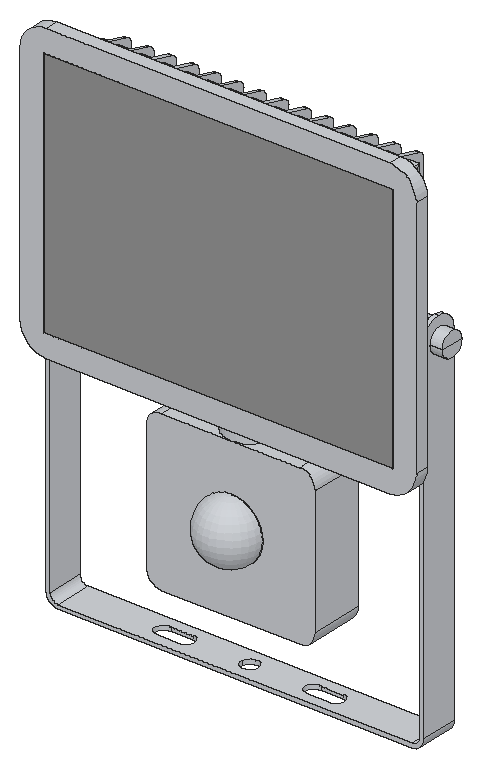
Revit family "START Flood Flat - 28W - PIR", category Lighting Fixtures, Revit 2017
Family settings
  Round Connector Dimension = Use Diameter
  Part Type = Normal
  OmniClass Number = 23.80.70.00
  OmniClass Title = Lighting
  Work Plane-Based = No
  Always vertical = Yes
  Cut with Voids When Loaded = No
  Light Source = Yes
  Shared = No
  Room Calculation Point = No
Parameters (values of type "0050137 ST FLD FLT IP54 PIR 2850LM 830 BK")
  Weight = "3.45 kg"
  Wattage = 28 W
  WarrantyStartDate [instance] = "n/a"
  WarrantyGuarantorParts = "n/a"
  WarrantyDurationUnit = "n/a"
  WarrantyDurationParts = "n/a"
  WarrantyDescription = "n/a"
  built-in parameter 1150110 = 1 (stored number, unit not read)
  Voltage = 0 V
  URL = "http://www.sylvania-lighting.com"
  TypeName = "Start Flood Flat IP54 PIR 2850LM 830 Black"
  built-in parameter 1114217 = 1 (stored number, unit not read)
  Tilt Angle = 0.00°
  built-in parameter 1150109 = 1 (stored number, unit not read)
  built-in parameter 1150134 = (empty or 0)
  built-in parameter 1150113 = 1 (stored number, unit not read)
  SerialNumber [instance] = "n/a"
  PowerFactor = 0.9
  PowerConsumption = "28.0 W"
  Photometric Web File = "0050137.ies"
  NominalWidth = 0 mm
  NominalLength = 201 mm
  NominalHeight = 57 mm
  Name = "Start Flood Flat IP54 PIR 2850LM 830 Black"
  ModelReference = "Start Flood Flat IP54 PIR 2850LM 830 Black"
  ModelNumber = "0050137"
  Model = "Start Flood Flat IP54 PIR 2850LM 830 Black"
  Material_4_FEILO = none
  Material_3_FEILO = none
  Material_2_FEILO = Default New Material
  Material_1_FEILO = none
  Material = "n/a"
  ManufacturerName = "Feilo Sylvania"
  Manufacturer = "Feilo Sylvania"
  LuminousEfficacy = "102 lm/W"
  Lumens = 2856 lm
  LuminaireType = ""
  built-in parameter 1150115 = 1 (stored number, unit not read)
  built-in parameter 1150105 = -3023875.7 (stored number, unit not read)
  LightOutputRatio = "n/a"
  built-in parameter 1150137 = (empty or 0)
  built-in parameter 1150139 = (empty or 0)
  LampsType = "LED"
  LampNominalLuminous = "2850 lm"
  LampMacAdamStep = "5"
  LampColourTemperature = "3000 K"
  LampColourRenderingIndex = "80"
  built-in parameter 1150112 = 1 (stored number, unit not read)
  built-in parameter 1150114 = 1 (stored number, unit not read)
  Lamp = "LED"
  LUM_WIDTH_SYL = 75 mm  # constant formula
  LUM_HEIGHT_SYL = 56 mm  # constant formula
  LUM_EXTR_ST_SYL = -5 mm
  LUM_EXTR_END_SYL = 0 mm
  LUM_DEPTH_SYL = 28 mm
  Keynote = "16500"
  InstallationDate [instance] = "n/a"
  InputVoltage = "n/a"
  InputNominalFrequency = "n/a"
  built-in parameter 1150132 = 2
  built-in parameter 1150102 = (empty or 0)
  built-in parameter 1150138 = (empty or 0)
  built-in parameter 1150107 = 3000 (stored number, unit not read)
  IngressProtection = "IP65"
  ImpactProtectionIndex = "IK06"
  built-in parameter 1150106 = -30238.8 (stored number, unit not read)
  IfcExportType = "IfcLightFixtureType"
  IfcExportAs = "IfcLightFixtureType"
  ElectricShockClassification = "Class I"
  built-in parameter 1150104 = 9.4761 (stored number, unit not read)
  DocumentationLiterature = "http://www.sylvania-lighting.com/product/en-int/products/0050137"
  DimmingControlOptions = "n/a"
  Dimming Lamp Color Temperature Shift = <None>
  DIF_WIDTH_SYL = 66 mm  # constant formula
  DIF_HEIGHT_SYL = 47.5 mm  # constant formula
  CreatedOn = "12/2/2020"
  CreatedBy = "@sylvania-lighting.com"
  Color Filter = 16777215
  ClassificationValue = "EF_70_80"
  ClassificationName = "Uniclass2015"
  CABLE_SIDE_DIST_SYL = 44 mm
  CABLE_LENGTH_SYL = 5 mm
  CABLE_FRONT_DIST_SYL = 17.5 mm
  CABLES_DIST_SYL = 56 mm
  BarCode [instance] = "n/a"
  built-in parameter 1114218 = 1 (stored number, unit not read)
  B_RAIL_R_DIST_SYL = 7 mm
  B_RAIL_HEIGHT_SYL = 27 mm
  B_RAIL_DEPTH_SYL = 44 mm
  B_RAIL_CHAMFER_SYL = 7 mm
  BRACKET_HOLDER_WIDTH_SYL = 12 mm
  BRACKET_HOLDER_HEIGHT_SYL = 17 mm
  BRACKET_HOLDER_DIST_SIDE_SYL = 2.8 mm
  BRACKET_HOLDER_DIST_BOTT_SYL = 42 mm
  BRACKET_HOLDER_DEPTH_SYL = 5.7 mm
  BOX_WIDTH_SYL = 60.5 mm
  BOX_TOP_DIST_SYL = 10.5 mm
  BOX_DEPTH_SYL = 14 mm
  BOX_BOTT_DIST_SYL = 28 mm
  BACK_RAIL_WIDTH_SYL = 1.4 mm
  BACK_RAIL_SIDE_DIST_SYL = 19 mm
  BACK_PL_EXTR_ST_SYL = -6 mm
  BACK_PL_EXTR_ST(-1)_SYL = BACK_PL_EXTR_ST_SYL * (-1)  # 6 mm
  BACK_PL_EXTR_END_SYL = -3 mm
  BACK_PL_EXTR_END(-1)_SYL = BACK_PL_EXTR_END_SYL * (-1)  # 3 mm
  built-in parameter 1150133 = 10 (stored number, unit not read)
  AssetType = "Fixed"
  AssetIdentifier [instance] = "n/a"
  Assembly Code = "D5020200"
  Apparent Load = 28 VA
  0_18W_SYL = yes
Types (4, lengths in mm): name | TypeName | built-in parameter 1150134 | Photometric Web File | Name | ModelReference | ModelNumber | Model | LuminousEfficacy | Lumens | built-in parameter 1150105 | LampNominalLuminous | LampColourTemperature | built-in parameter 1150107 | built-in parameter 1150106 | built-in parameter 1150104 | DocumentationLiterature
  0050140 ST FLD FLT IP54 PIR 3000LM 840 WH | "Start Flood Flat IP54 PIR 3000LM 840 White" | 12 | "0050140.ies" | "Start Flood Flat IP54 PIR 3000LM 840 White" | "Start Flood Flat IP54 PIR 3000LM 840 White" | "0050140" | "Start Flood Flat IP54 PIR 3000LM 840 White" | "107 lm/W" | 2996 lm | -3339042 (stored number, unit not read) | "3000 lm" | "4000 K" | 4000 (stored number, unit not read) | -33390.4 (stored number, unit not read) | 9.9406 (stored number, unit not read) | "http://www.sylvania-lighting.com/product/en-int/products/0050140"
  0050139 ST FLD FLT IP54 PIR 2850LM 830 WH | "Start Flood Flat IP54 PIR 2850LM 830 White" | (empty or 0) | "0050139.ies" | "Start Flood Flat IP54 PIR 2850LM 830 White" | "Start Flood Flat IP54 PIR 2850LM 830 White" | "0050139" | "Start Flood Flat IP54 PIR 2850LM 830 White" | "102 lm/W" | 2856 lm | -3023875.7 (stored number, unit not read) | "2850 lm" | "3000 K" | 3000 (stored number, unit not read) | -30238.8 (stored number, unit not read) | 9.4761 (stored number, unit not read) | "http://www.sylvania-lighting.com/product/en-int/products/0050139"
  0050138 ST FLD FLT IP54 PIR 3000LM 840 BK | "Start Flood Flat IP54 PIR 3000LM 840 Black" | 12 | "0050138.ies" | "Start Flood Flat IP54 PIR 3000LM 840 Black" | "Start Flood Flat IP54 PIR 3000LM 840 Black" | "0050138" | "Start Flood Flat IP54 PIR 3000LM 840 Black" | "107 lm/W" | 2996 lm | -3339042 (stored number, unit not read) | "3000 lm" | "4000 K" | 4000 (stored number, unit not read) | -33390.4 (stored number, unit not read) | 9.9406 (stored number, unit not read) | "http://www.sylvania-lighting.com/product/en-int/products/0050138"
  0050137 ST FLD FLT IP54 PIR 2850LM 830 BK | "Start Flood Flat IP54 PIR 2850LM 830 Black" | (empty or 0) | "0050137.ies" | "Start Flood Flat IP54 PIR 2850LM 830 Black" | "Start Flood Flat IP54 PIR 2850LM 830 Black" | "0050137" | "Start Flood Flat IP54 PIR 2850LM 830 Black" | "102 lm/W" | 2856 lm | -3023875.7 (stored number, unit not read) | "2850 lm" | "3000 K" | 3000 (stored number, unit not read) | -30238.8 (stored number, unit not read) | 9.4761 (stored number, unit not read) | "http://www.sylvania-lighting.com/product/en-int/products/0050137"
Reference planes
  plane 1 "Light Source Axis (F/B)": y = 0
  plane 2: z = 0
  plane 3 "Light Source Axis (L/R)": x = 0
  plane 4 "Light Source Elevation": z = -0.469
  plane 5: x = 75
  plane 6: x = -75
  plane 7: z = 56
  plane 8: z = -56
  plane 9: x = 66
  plane 10: x = -66
  plane 11: z = 47.5
  plane 12: z = -47.5
  plane 13: y = 6
  plane 14: y = 3
  plane 15: x = -60.5
  plane 16: x = 60.5
  plane 17: y = 20
  plane 18: z = 45.5
  plane 19: z = -28
  plane 20: y = 28
  plane 21: z = -14
  plane 22: z = -2
  plane 23: y = 21
  plane 24: x = 54.2
  plane 25: x = 39.5
  plane 26: x = 31
  plane 27: x = -25
  plane 28: y = 14
  plane 29: z = -38
  plane 30: y = 27
  plane 31: z = 16
  plane 32: z = 9
  plane 33: x = 56
  plane 34: x = 54.6
  plane 35: x = 47.6
  plane 36: x = 20.8
  plane 37: x = 13.8
  plane 38: x = 12.4
  plane 39: x = 5.4
  plane 40: x = 4
  plane 41: z = -50.4
  plane 42: x = 64
  plane 43: x = 70
  plane 44: z = -59.1
Forms (mm)
  Extrusion 1, solid
    sketch origin (0, 0, 0) x (1, 0, 0) y (0, 0, 1)
      loop
        arc (-65, 56) -> (-72.071, 53.071) -> (-75, 46) r 10
        line (-75, 46) -> (-75, -46)
        arc (-75, -46) -> (-72.071, -53.071) -> (-65, -56) r 10
        line (-65, -56) -> (65, -56)
        arc (65, -56) -> (72.071, -53.071) -> (75, -46) r 10
        line (75, -46) -> (75, 46)
        arc (75, 46) -> (72.071, 53.071) -> (65, 56) r 10
        line (65, 56) -> (-65, 56)
      loop
        line (-66, 47.5) -> (-66, -47.5) -> (66, -47.5) -> (66, 47.5) -> (-66, 47.5)
    from -5 <- "LUM_EXTR_ST_SYL" to 0 <- "LUM_EXTR_END_SYL"
  Extrusion 2, solid, material "Default New Material" <- "Material_2_FEILO"
    sketch origin (0, 0, 0) x (1, 0, 0) y (0, 0, 1)
      loop
        line (-66, 47.5) -> (-66, -47.5) -> (66, -47.5) -> (66, 47.5) -> (-66, 47.5)
    from -3 <- "BACK_PL_EXTR_END_SYL" to 0 <- "LUM_EXTR_END_SYL"
  Extrusion 3, solid
    sketch origin (0, 0, 0) x (1, 0, 0) y (0, 0, 1)
      loop
        line (66, 47.5) -> (-66, 47.5) -> (-66, -47.5) -> (66, -47.5) -> (66, 47.5)
    from -6 <- "BACK_PL_EXTR_ST_SYL" to -3 <- "BACK_PL_EXTR_END_SYL"
  Extrusion 4, solid
    sketch origin (0, 0, 0) x (1, 0, 0) y (0, 1, 0)
      loop
        arc (-59.5, 20) -> (-60.207, 19.707) -> (-60.5, 19) r 1
        line (-60.5, 19) -> (-60.5, 6) -> (60.5, 6) -> (60.5, 19)
        arc (60.5, 19) -> (60.207, 19.707) -> (59.5, 20) r 1
        line (59.5, 20) -> (-59.5, 20)
    from -28 to 45.5
  Extrusion 5, solid
    sketch origin (0, 0, 0) x (1, 0, 0) y (0, 1, 0)
      loop
        arc (-52.5, 28) -> (-58.157, 25.657) -> (-60.5, 20) r 8
        line (-60.5, 20) -> (-60.5, 6) -> (60.5, 6) -> (60.5, 20)
        arc (60.5, 20) -> (58.157, 25.657) -> (52.5, 28) r 8
        line (52.5, 28) -> (-52.5, 28)
    from -47.5 to -28
  Extrusion 6, solid
    sketch origin (0, 0, 0) x (0, 1, 0) y (0, 0, 1)
      loop
        line (5, -2) -> (5, -14) -> (15, -14)
        arc (15, -14) -> (19.243, -12.243) -> (21, -8) r 6
        arc (21, -8) -> (19.243, -3.757) -> (15, -2) r 6
        line (15, -2) -> (5, -2)
      loop
        circle (15, -8) r 2.5
    from 64 to 70
  Extrusion 7, solid
    sketch origin (0, 0, 0) x (1, 0, 0) y (0, 1, 0)
      loop
        circle (-25, 14) r 7
      loop
        circle (31, 14) r 9
    from -59.1 to -47.5
  Extrusion 8, solid
    sketch origin (-75.017, 5.639, -10.469) x (0, 1, 0) y (0, 0, -1)
      loop
        line (-0.625, 17.969) -> (-0.625, -34.188) -> (-0.625, -61.668) -> (19.238, -55.969)
        arc (19.238, -55.969) -> (20.908, -54.706) -> (21.299, -52.649) r 2.911
        line (21.299, -52.649) -> (21.299, 17.969) -> (-0.625, 17.969)
    from -131.017 to -129.617
  Extrusion 9, solid
    sketch origin (0, 0, 0) x (0, 1, 0) y (0, 0, -1)
      loop
        line (5, 2) -> (15, 2)
        arc (15, 2) -> (19.243, 3.757) -> (21, 8) r 6
        arc (21, 8) -> (19.243, 12.243) -> (15, 14) r 6
        line (15, 14) -> (5, 14) -> (5, 2)
      loop
        circle (15, 8) r 2.5
    from 64 to 70
  Extrusion 10, solid
    sketch origin (75.017, 5.639, -10.469) x (0, 1, 0) y (0, 0, 1)
      loop
        line (-0.625, -17.969) -> (21.299, -17.969) -> (21.299, 52.649)
        arc (21.299, 52.649) -> (20.908, 54.706) -> (19.238, 55.969) r 2.911
        line (19.238, 55.969) -> (-0.625, 61.668) -> (-0.625, 34.188) -> (-0.625, -17.969)
    from -131.017 to -129.617
  Extrusion 11, solid
    sketch origin (-185.617, 5.639, -10.469) x (0, 1, 0) y (0, 0, -1)
      loop
        line (-0.625, 17.969) -> (-0.625, -34.188) -> (-0.625, -61.668) -> (19.238, -55.969)
        arc (19.238, -55.969) -> (20.908, -54.706) -> (21.299, -52.649) r 2.911
        line (21.299, -52.649) -> (21.299, 17.969) -> (-0.625, 17.969)
    from -131.017 to -129.617
  Extrusion 12, solid
    sketch origin (-83.524, 5.639, -10.469) x (0, 1, 0) y (0, 0, -1)
      loop
        line (-0.625, 17.969) -> (-0.625, -34.188) -> (-0.625, -61.668) -> (19.238, -55.969)
        arc (19.238, -55.969) -> (20.908, -54.706) -> (21.299, -52.649) r 2.911
        line (21.299, -52.649) -> (21.299, 17.969) -> (-0.625, 17.969)
    from -131.017 to -129.617
  Extrusion 13, solid
    sketch origin (-92.032, 5.639, -10.469) x (0, 1, 0) y (0, 0, -1)
      loop
        line (-0.625, 17.969) -> (-0.625, -34.188) -> (-0.625, -61.668) -> (19.238, -55.969)
        arc (19.238, -55.969) -> (20.908, -54.706) -> (21.299, -52.649) r 2.911
        line (21.299, -52.649) -> (21.299, 17.969) -> (-0.625, 17.969)
    from -131.017 to -129.617
  Extrusion 14, solid
    sketch origin (-100.54, 5.639, -10.469) x (0, 1, 0) y (0, 0, -1)
      loop
        line (-0.625, 17.969) -> (-0.625, -34.188) -> (-0.625, -61.668) -> (19.238, -55.969)
        arc (19.238, -55.969) -> (20.908, -54.706) -> (21.299, -52.649) r 2.911
        line (21.299, -52.649) -> (21.299, 17.969) -> (-0.625, 17.969)
    from -131.017 to -129.617
  Extrusion 15, solid
    sketch origin (-109.047, 5.639, -10.469) x (0, 1, 0) y (0, 0, -1)
      loop
        line (-0.625, 17.969) -> (-0.625, -34.188) -> (-0.625, -61.668) -> (19.238, -55.969)
        arc (19.238, -55.969) -> (20.908, -54.706) -> (21.299, -52.649) r 2.911
        line (21.299, -52.649) -> (21.299, 17.969) -> (-0.625, 17.969)
    from -131.017 to -129.617
  Extrusion 16, solid
    sketch origin (-117.555, 5.639, -10.469) x (0, 1, 0) y (0, 0, -1)
      loop
        line (-0.625, 17.969) -> (-0.625, -34.188) -> (-0.625, -61.668) -> (19.238, -55.969)
        arc (19.238, -55.969) -> (20.908, -54.706) -> (21.299, -52.649) r 2.911
        line (21.299, -52.649) -> (21.299, 17.969) -> (-0.625, 17.969)
    from -131.017 to -129.617
  Extrusion 17, solid
    sketch origin (-126.063, 5.639, -10.469) x (0, 1, 0) y (0, 0, -1)
      loop
        line (-0.625, 17.969) -> (-0.625, -34.188) -> (-0.625, -61.668) -> (19.238, -55.969)
        arc (19.238, -55.969) -> (20.908, -54.706) -> (21.299, -52.649) r 2.911
        line (21.299, -52.649) -> (21.299, 17.969) -> (-0.625, 17.969)
    from -131.017 to -129.617
  Extrusion 18, solid
    sketch origin (-134.571, 5.639, -10.469) x (0, 1, 0) y (0, 0, -1)
      loop
        line (-0.625, 17.969) -> (-0.625, -34.188) -> (-0.625, -61.668) -> (19.238, -55.969)
        arc (19.238, -55.969) -> (20.908, -54.706) -> (21.299, -52.649) r 2.911
        line (21.299, -52.649) -> (21.299, 17.969) -> (-0.625, 17.969)
    from -131.017 to -129.617
  Extrusion 19, solid
    sketch origin (-143.078, 5.639, -10.469) x (0, 1, 0) y (0, 0, -1)
      loop
        line (-0.625, 17.969) -> (-0.625, -34.188) -> (-0.625, -61.668) -> (19.238, -55.969)
        arc (19.238, -55.969) -> (20.908, -54.706) -> (21.299, -52.649) r 2.911
        line (21.299, -52.649) -> (21.299, 17.969) -> (-0.625, 17.969)
    from -131.017 to -129.617
  Extrusion 20, solid
    sketch origin (-151.586, 5.639, -10.469) x (0, 1, 0) y (0, 0, -1)
      loop
        line (-0.625, 17.969) -> (-0.625, -34.188) -> (-0.625, -61.668) -> (19.238, -55.969)
        arc (19.238, -55.969) -> (20.908, -54.706) -> (21.299, -52.649) r 2.911
        line (21.299, -52.649) -> (21.299, 17.969) -> (-0.625, 17.969)
    from -131.017 to -129.617
  Extrusion 21, solid
    sketch origin (-160.094, 5.639, -10.469) x (0, 1, 0) y (0, 0, -1)
      loop
        line (-0.625, 17.969) -> (-0.625, -34.188) -> (-0.625, -61.668) -> (19.238, -55.969)
        arc (19.238, -55.969) -> (20.908, -54.706) -> (21.299, -52.649) r 2.911
        line (21.299, -52.649) -> (21.299, 17.969) -> (-0.625, 17.969)
    from -131.017 to -129.617
  Extrusion 22, solid
    sketch origin (-168.601, 5.639, -10.469) x (0, 1, 0) y (0, 0, -1)
      loop
        line (-0.625, 17.969) -> (-0.625, -34.188) -> (-0.625, -61.668) -> (19.238, -55.969)
        arc (19.238, -55.969) -> (20.908, -54.706) -> (21.299, -52.649) r 2.911
        line (21.299, -52.649) -> (21.299, 17.969) -> (-0.625, 17.969)
    from -131.017 to -129.617
  Extrusion 23, solid
    sketch origin (-177.109, 5.639, -10.469) x (0, 1, 0) y (0, 0, -1)
      loop
        line (-0.625, 17.969) -> (-0.625, -34.188) -> (-0.625, -61.668) -> (19.238, -55.969)
        arc (19.238, -55.969) -> (20.908, -54.706) -> (21.299, -52.649) r 2.911
        line (21.299, -52.649) -> (21.299, 17.969) -> (-0.625, 17.969)
    from -131.017 to -129.617
Cuts and joins
  joined: Extrusion 1, Extrusion 3, Extrusion 4, Extrusion 5
Dimensions and locks
  "LUM_WIDTH_SYL": plane 5 to plane 3 "Light Source Axis (L/R)" to plane 6
  "LUM_HEIGHT_SYL": plane 7 to plane 2 to plane 8
  "DIF_WIDTH_SYL": plane 9 to plane 3 "Light Source Axis (L/R)" to plane 10
  "DIF_HEIGHT_SYL": plane 11 to plane 2 to plane 12
  "BACK_PL_EXTR_ST(-1)_SYL": plane 1 "Light Source Axis (F/B)" to plane 13
  "BACK_PL_EXTR_END(-1)_SYL": plane 1 "Light Source Axis (F/B)" to plane 14
  "BOX_WIDTH_SYL": plane 15 to plane 3 "Light Source Axis (L/R)" to plane 16
  "BOX_DEPTH_SYL": plane 13 to plane 17
  "BOX_TOP_DIST_SYL": plane 18 to plane 7
  "BOX_BOTT_DIST_SYL": plane 8 to plane 19
  "LUM_DEPTH_SYL": plane 1 "Light Source Axis (F/B)" to plane 20
  "BRACKET_HOLDER_DIST_BOTT_SYL": plane 21 to plane 8
  "BRACKET_HOLDER_WIDTH_SYL": plane 22 to plane 21
  cut or joined group of Extrusion 1, Extrusion 3, Extrusion 4, Extrusion 5 to plane 23 = 15 mm
  cut or joined group of Extrusion 1, Extrusion 3, Extrusion 4, Extrusion 5 to plane 24 = 20.8 mm
  plane 25 to plane 24 = 14.7 mm
  "CABLES_DIST_SYL": plane 27 to plane 26
  "CABLE_SIDE_DIST_SYL": plane 26 to plane 5
  cut or joined group of Extrusion 1, Extrusion 3, Extrusion 4, Extrusion 5 to plane 28 = 14 mm
  cut or joined group of Extrusion 1, Extrusion 3, Extrusion 4, Extrusion 5 to plane 29 = 18 mm
  "B_RAIL_HEIGHT_SYL": plane 30 to plane 1 "Light Source Axis (F/B)"
  "B_RAIL_DEPTH_SYL": plane 31 to plane 19
  "B_RAIL_CHAMFER_SYL": plane 31 to plane 32
  "BACK_RAIL_SIDE_DIST_SYL": plane 5 to plane 33
  "BACK_RAIL_WIDTH_SYL": plane 33 to plane 34
  "B_RAIL_R_DIST_SYL": plane 34 to plane 35
  "B_RAIL_R_DIST_SYL": plane 36 to plane 37
  "BACK_RAIL_WIDTH_SYL": plane 37 to plane 38
  "BACK_RAIL_WIDTH_SYL": plane 39 to plane 40
  "B_RAIL_R_DIST_SYL": plane 38 to plane 39
  plane 35 to plane 26 = 16.6 mm
  equal spacing: group 2, group 14, group 13, group 12, group 11, group 10, group 9, group 8, group 7, group 6, group 5, group 4, group 3, group 1
  equal spacing: group 1, group 3, group 4, group 5, group 6, group 7, group 8, group 9, group 10, group 11, group 12, group 13, group 14, group 2  (x2)
  aligned and locked: plane 4 "Light Source Elevation" to imposter light
  aligned and locked: level to plane 2
  aligned and locked: Extrusion 1 sketch curve to plane 7
  aligned and locked: plane 6 to Extrusion 1 sketch curve
  aligned and locked: plane 8 to Extrusion 1 sketch curve
  aligned and locked: Extrusion 1 sketch curve to plane 5
  aligned and locked: Extrusion 1 sketch curve to plane 11
  aligned and locked: plane 10 to Extrusion 1 sketch curve
  aligned and locked: plane 12 to Extrusion 1 sketch curve
  aligned and locked: Extrusion 1 sketch curve to plane 9
  aligned and locked: Extrusion 2 sketch curve to Extrusion 1  (x4)
  aligned and locked: Extrusion 3 sketch curve to Extrusion 1  (x4)
  aligned and locked: Extrusion 3 to Extrusion 2
  aligned and locked: plane 17 to Extrusion 4 sketch curve
  aligned and locked: plane 15 to Extrusion 4 sketch curve
  aligned and locked: Extrusion 4 sketch curve to plane 13
  aligned and locked: Extrusion 4 sketch curve to plane 16
  aligned and locked: plane 18 to Extrusion 4
  aligned and locked: Extrusion 4 to plane 19
  aligned and locked: plane 20 to Extrusion 5 sketch curve
  aligned and locked: plane 15 to Extrusion 5 sketch curve
  aligned and locked: cut or joined group of Extrusion 1, Extrusion 3, Extrusion 4, Extrusion 5 to Extrusion 5 sketch curve
  aligned and locked: Extrusion 5 sketch curve to cut or joined group of Extrusion 1, Extrusion 3, Extrusion 4, Extrusion 5
  aligned and locked: plane 19 to Extrusion 5
  aligned and locked: Extrusion 5 to plane 12
  aligned and locked: Extrusion 6 sketch curve to plane 22
  aligned and locked: plane 21 to Extrusion 6 sketch curve
  aligned and locked: Extrusion 7 to Extrusion 2
  aligned and locked: Extrusion 6 to cut or joined group of Extrusion 1, Extrusion 3, Extrusion 4, Extrusion 5
  aligned and locked: plane 42 to Extrusion 6
  aligned and locked: Extrusion 6 to plane 43
  aligned and locked: Extrusion 7 to plane 44
  aligned and locked: plane 33 to Extrusion 8
  aligned and locked: Extrusion 8 to plane 34
Automatic sketch dimensions
  plane 18 to Extrusion 1 sketch curve = 0.5 mm  (x2)
  plane 10 to Extrusion 1 sketch curve = 1 mm
  Extrusion 1 sketch curve to plane 9 = 1 mm
  plane 15 to Extrusion 4 sketch curve = 1 mm
  Extrusion 4 sketch curve to plane 16 = 1 mm
  Extrusion 5 sketch curve to plane 15 = 0 mm
  plane 28 to Extrusion 5 sketch curve = 6 mm  (x2)
  Extrusion 6 sketch curve to Extrusion 6 sketch curve = 0 mm  (x5)
  Extrusion 6 sketch curve to plane 23 = 0 mm
  plane 13 to Extrusion 6 sketch curve = 1 mm
  Extrusion 7 sketch curve to plane 27 = 0 mm
  Extrusion 7 sketch curve to plane 26 = 0 mm
  Extrusion 7 sketch curve to plane 28 = 0 mm  (x2)
  Extrusion 9 sketch curve to Extrusion 9 sketch curve = 0 mm  (x6)
  Extrusion 9 sketch curve to plane 21 = 0 mm
  Extrusion 9 sketch curve to plane 22 = 0 mm
  Extrusion 9 sketch curve to plane 23 = 0 mm
  plane 13 to Extrusion 9 sketch curve = 1 mm
  Extrusion 10 sketch curve to plane 18 = 0 mm
  Extrusion 10 sketch curve to plane 19 = 0.438 mm
  plane 13 to Extrusion 10 sketch curve = 0.986 mm
  plane 30 to Extrusion 10 sketch curve = 2.927 mm
  plane 30 to Extrusion 10 sketch curve = 2.124 mm
  plane 30 to Extrusion 10 sketch curve = 0.062 mm
  plane 31 to Extrusion 10 sketch curve = 7.719 mm
  Extrusion 10 sketch curve to plane 18 = 3.32 mm
  Extrusion 8 sketch curve to Extrusion 8 sketch curve = 19.06 mm
  Extrusion 8 sketch curve to Extrusion 8 sketch curve = 0.803 mm
  Extrusion 8 sketch curve to Extrusion 8 sketch curve = 21.924 mm
  Extrusion 8 sketch curve to Extrusion 8 sketch curve = 5.699 mm
  Extrusion 8 sketch curve to Extrusion 8 sketch curve = 18.983 mm
  Extrusion 8 sketch curve to Extrusion 8 sketch curve = 52.156 mm
  Extrusion 11 sketch curve to Extrusion 11 sketch curve = 19.06 mm
  Extrusion 11 sketch curve to Extrusion 11 sketch curve = 0.803 mm
  Extrusion 11 sketch curve to Extrusion 11 sketch curve = 21.924 mm
  Extrusion 11 sketch curve to Extrusion 11 sketch curve = 5.699 mm
  Extrusion 11 sketch curve to Extrusion 11 sketch curve = 18.983 mm
  Extrusion 11 sketch curve to Extrusion 11 sketch curve = 52.156 mm
  Extrusion 12 sketch curve to Extrusion 12 sketch curve = 19.06 mm
  Extrusion 12 sketch curve to Extrusion 12 sketch curve = 0.803 mm
  Extrusion 12 sketch curve to Extrusion 12 sketch curve = 21.924 mm
  Extrusion 12 sketch curve to Extrusion 12 sketch curve = 5.699 mm
  Extrusion 12 sketch curve to Extrusion 12 sketch curve = 18.983 mm
  Extrusion 12 sketch curve to Extrusion 12 sketch curve = 52.156 mm
  Extrusion 13 sketch curve to Extrusion 13 sketch curve = 19.06 mm
  Extrusion 13 sketch curve to Extrusion 13 sketch curve = 0.803 mm
  Extrusion 13 sketch curve to Extrusion 13 sketch curve = 21.924 mm
  Extrusion 13 sketch curve to Extrusion 13 sketch curve = 5.699 mm
  Extrusion 13 sketch curve to Extrusion 13 sketch curve = 18.983 mm
  Extrusion 13 sketch curve to Extrusion 13 sketch curve = 52.156 mm
  Extrusion 14 sketch curve to Extrusion 14 sketch curve = 19.06 mm
  Extrusion 14 sketch curve to Extrusion 14 sketch curve = 0.803 mm
  Extrusion 14 sketch curve to Extrusion 14 sketch curve = 21.924 mm
  Extrusion 14 sketch curve to Extrusion 14 sketch curve = 5.699 mm
  Extrusion 14 sketch curve to Extrusion 14 sketch curve = 18.983 mm
  Extrusion 14 sketch curve to Extrusion 14 sketch curve = 52.156 mm
  Extrusion 15 sketch curve to Extrusion 15 sketch curve = 19.06 mm
  Extrusion 15 sketch curve to Extrusion 15 sketch curve = 0.803 mm
  Extrusion 15 sketch curve to Extrusion 15 sketch curve = 21.924 mm
  Extrusion 15 sketch curve to Extrusion 15 sketch curve = 5.699 mm
  Extrusion 15 sketch curve to Extrusion 15 sketch curve = 18.983 mm
  Extrusion 15 sketch curve to Extrusion 15 sketch curve = 52.156 mm
  Extrusion 16 sketch curve to Extrusion 16 sketch curve = 19.06 mm
  Extrusion 16 sketch curve to Extrusion 16 sketch curve = 0.803 mm
  Extrusion 16 sketch curve to Extrusion 16 sketch curve = 21.924 mm
  Extrusion 16 sketch curve to Extrusion 16 sketch curve = 5.699 mm
  Extrusion 16 sketch curve to Extrusion 16 sketch curve = 18.983 mm
  Extrusion 16 sketch curve to Extrusion 16 sketch curve = 52.156 mm
  Extrusion 17 sketch curve to Extrusion 17 sketch curve = 19.06 mm
  Extrusion 17 sketch curve to Extrusion 17 sketch curve = 0.803 mm
  Extrusion 17 sketch curve to Extrusion 17 sketch curve = 21.924 mm
  Extrusion 17 sketch curve to Extrusion 17 sketch curve = 5.699 mm
  Extrusion 17 sketch curve to Extrusion 17 sketch curve = 18.983 mm
  Extrusion 17 sketch curve to Extrusion 17 sketch curve = 52.156 mm
  Extrusion 18 sketch curve to Extrusion 18 sketch curve = 19.06 mm
  Extrusion 18 sketch curve to Extrusion 18 sketch curve = 0.803 mm
  Extrusion 18 sketch curve to Extrusion 18 sketch curve = 21.924 mm
  Extrusion 18 sketch curve to Extrusion 18 sketch curve = 5.699 mm
  Extrusion 18 sketch curve to Extrusion 18 sketch curve = 18.983 mm
  Extrusion 18 sketch curve to Extrusion 18 sketch curve = 52.156 mm
  Extrusion 19 sketch curve to Extrusion 19 sketch curve = 19.06 mm
  Extrusion 19 sketch curve to Extrusion 19 sketch curve = 0.803 mm
  Extrusion 19 sketch curve to Extrusion 19 sketch curve = 21.924 mm
  Extrusion 19 sketch curve to Extrusion 19 sketch curve = 5.699 mm
  Extrusion 19 sketch curve to Extrusion 19 sketch curve = 18.983 mm
  Extrusion 19 sketch curve to Extrusion 19 sketch curve = 52.156 mm
  Extrusion 20 sketch curve to Extrusion 20 sketch curve = 19.06 mm
  Extrusion 20 sketch curve to Extrusion 20 sketch curve = 0.803 mm
  Extrusion 20 sketch curve to Extrusion 20 sketch curve = 21.924 mm
  Extrusion 20 sketch curve to Extrusion 20 sketch curve = 5.699 mm
  Extrusion 20 sketch curve to Extrusion 20 sketch curve = 18.983 mm
  Extrusion 20 sketch curve to Extrusion 20 sketch curve = 52.156 mm
  Extrusion 21 sketch curve to Extrusion 21 sketch curve = 19.06 mm
  Extrusion 21 sketch curve to Extrusion 21 sketch curve = 0.803 mm
  Extrusion 21 sketch curve to Extrusion 21 sketch curve = 21.924 mm
  Extrusion 21 sketch curve to Extrusion 21 sketch curve = 5.699 mm
  Extrusion 21 sketch curve to Extrusion 21 sketch curve = 18.983 mm
  Extrusion 21 sketch curve to Extrusion 21 sketch curve = 52.156 mm
  Extrusion 22 sketch curve to Extrusion 22 sketch curve = 19.06 mm
  Extrusion 22 sketch curve to Extrusion 22 sketch curve = 0.803 mm
  Extrusion 22 sketch curve to Extrusion 22 sketch curve = 21.924 mm
  Extrusion 22 sketch curve to Extrusion 22 sketch curve = 5.699 mm
  Extrusion 22 sketch curve to Extrusion 22 sketch curve = 18.983 mm
  Extrusion 22 sketch curve to Extrusion 22 sketch curve = 52.156 mm
  Extrusion 23 sketch curve to Extrusion 23 sketch curve = 19.06 mm
  Extrusion 23 sketch curve to Extrusion 23 sketch curve = 0.803 mm
  Extrusion 23 sketch curve to Extrusion 23 sketch curve = 21.924 mm
  Extrusion 23 sketch curve to Extrusion 23 sketch curve = 5.699 mm
  Extrusion 23 sketch curve to Extrusion 23 sketch curve = 18.983 mm
  Extrusion 23 sketch curve to Extrusion 23 sketch curve = 52.156 mm
  radius of Extrusion 6 sketch curve = 2.5 mm
  radius of Extrusion 7 sketch curve = 7 mm
  radius of Extrusion 7 sketch curve = 9 mm
  radius of Extrusion 9 sketch curve = 2.5 mm
Nested families
  nested 1: "bolt" at (71.5, 15, -8.05), type "bolt"
  nested 2: "bolt" at (-71.5, 15, -8.011) x (-1, 0, 0) z (0, 0, 1), type "bolt"
  nested 3: "PIR" at (0, 6, -93.516) x (-1, 0, 0) z (0, 0, 1), type "PIR"
  nested 4: "START Flood Flat - 27W_bracket - PIR" at (0, 15, -107.53), type "START Flood Flat - 27W_bracket - PIR"
Definition of nested family "bolt"
  Parameters (values of type "bolt")
    Material_4_SYL = none
    Material_3_SYL = none
    Material_2_SYL = none
    Material_1_SYL = none
  Reference planes
    plane 1 "Center (Front/Back)": y = 0
    plane 2: z = 0
    plane 3 "Center (Left/Right)": x = 0
    plane 4: x = 5
    plane 5: x = -10
    plane 6: y = 2.5
    plane 7: y = -2.5
    plane 8: y = 4.5
    plane 9: y = -4.5
  Forms (mm)
    Revolve 1, solid
      sketch origin (0, 0, 0) x (1, 0, 0) y (0, 1, 0)
        loop
          line (5, 0) -> (-10, 0) -> (-10, -2.5) -> (0, -2.5) -> (0, -4.5) -> (5, -4.5) -> (5, 0)
        axis (5, 0) -> (-10, 0)
      angle from 0 to 360
  Dimensions and locks
    aligned and locked: level to plane 2
Definition of nested family "PIR"
  Parameters (values of type "PIR")
    Material_4_SYL = none
    Material_3_SYL = none
    Material_2_SYL = none
    Material_1_SYL = none
  Reference planes
    plane 1 "Center (Front/Back)": y = 0
    plane 2: z = 0
    plane 3 "Center (Left/Right)": x = 0
    plane 4: z = -30
    plane 5: z = 30
    plane 6: x = 32
    plane 7: x = -32
    plane 8: x = 12
    plane 9: z = 12
    plane 10: z = -12
    plane 11: z = 46
    plane 12: x = 10
    plane 13: y = -10
  Forms (mm)
    Extrusion 1, solid
      sketch origin (0, 0, 0) x (1, 0, 0) y (0, 0, 1)
        loop
          arc (-26, 30) -> (-30.243, 28.243) -> (-32, 24) r 6
          line (-32, 24) -> (-32, -24)
          arc (-32, -24) -> (-30.243, -28.243) -> (-26, -30) r 6
          line (-26, -30) -> (26, -30)
          arc (26, -30) -> (30.243, -28.243) -> (32, -24) r 6
          line (32, -24) -> (32, 24)
          arc (32, 24) -> (30.243, 28.243) -> (26, 30) r 6
          line (26, 30) -> (-26, 30)
      from 0 to 20
    Revolve 2, solid
      sketch origin (0, 0, 0) x (1, 0, 0) y (0, 0, 1)
        loop
          line (0, 12) -> (0, -12)
          arc (0, -12) -> (12, 0) -> (0, 12) r 12
        axis (0, 12) -> (0, -12)
      angle from 0 to 360
    Extrusion 3, solid
      sketch origin (0, 0, 0) x (1, 0, 0) y (0, 1, 0)
        loop
          circle (0, -10) r 10
      from 30 to 46
  Dimensions and locks
    aligned and locked: level to plane 2
    aligned and locked: Extrusion 1 sketch curve to plane 5
    aligned and locked: plane 7 to Extrusion 1 sketch curve
    aligned and locked: plane 4 to Extrusion 1 sketch curve
    aligned and locked: Extrusion 1 sketch curve to plane 6
    aligned and locked: plane 3 "Center (Left/Right)" to Revolve 2 sketch curve
    aligned and locked: plane 10 to Revolve 2 sketch curve
    aligned and locked: Revolve 2 sketch curve to plane 3 "Center (Left/Right)"
    aligned and locked: plane 11 to Extrusion 3
    aligned and locked: Extrusion 3 to plane 5
Definition of nested family "START Flood Flat - 27W_bracket - PIR"
  Parameters (values of type "START Flood Flat - 27W_bracket - PIR")
    WIDTH_SYL = 143 mm
    THICKNESS_SYL = 1.5 mm
    Material_4_SYL = none
    Material_3_SYL = none
    Material_2_SYL = none
    Material_1_SYL = none
    HOLE_DIST_SYL = 8.5 mm
    HOLE2_DIST_SYL = 8 mm
    HEIGHT_SYL = 145 mm
    HALF_SYL = WIDTH_SYL / 2  # 71.5 mm
    FILLET_SYL = 7 mm
    DEPTH_2_SYL = -7 mm
    DEPTH_1_SYL = 7 mm
    CUTOUT_DIST_SYL = 24.2 mm
  Reference planes
    plane 1 "Center (Front/Back)": y = 0
    plane 2: z = 0
    plane 3 "Center (Left/Right)": x = 0
    plane 4: x = -71.5
    plane 5: x = 71.5
    plane 6: z = -37.5
    plane 7: z = 107.5
    plane 8: x = -70
    plane 9: z = -36
    plane 10: x = 70
    plane 11: z = 99.5
    plane 12: z = 100.5
    plane 13: x = 24.2
    plane 14: x = -24.2
    plane 15: x = 32.7
    plane 16: x = -32.7
  Forms (mm)
    Extrusion 1, solid
      sketch origin (0, 0, 0) x (1, 0, 0) y (0, 0, 1)
        loop
          arc (-71.5, -33) -> (-70.182, -36.182) -> (-67, -37.5) r 4.5
          line (-67, -37.5) -> (67, -37.5)
          arc (67, -37.5) -> (70.182, -36.182) -> (71.5, -33) r 4.5
          line (71.5, -33) -> (71.5, 107.5) -> (70, 107.5) -> (70, -33)
          arc (70, -33) -> (69.121, -35.121) -> (67, -36) r 3
          line (67, -36) -> (-67, -36)
          arc (-67, -36) -> (-69.121, -35.121) -> (-70, -33) r 3
          line (-70, -33) -> (-70, 107.5) -> (-71.5, 107.5) -> (-71.5, -33)
      from -7 <- "DEPTH_2_SYL" to 7 <- "DEPTH_1_SYL"
    Extrusion 2, void
      sketch origin (0, 0, 0) x (0, 1, 0) y (0, 0, 1)
        loop
          circle (0, 99.5) r 3.15
      from -71.5 to 71.5
    Extrusion 3, void
      sketch origin (0, 0, 0) x (0, 1, 0) y (0, 0, 1)
        loop
          line (7, 100.5) -> (14.83, 113.08) -> (-15.17, 113.08) -> (-7, 100.5)
          arc (-7, 100.5) -> (-4.95, 105.45) -> (0, 107.5) r 7
          arc (0, 107.5) -> (4.95, 105.45) -> (7, 100.5) r 7
      from -71.5 to 71.5
    Extrusion 4, void
      sketch origin (0, 0, 0) x (1, 0, 0) y (0, 1, 0)
        loop
          circle (0, 0) r 3.25
        loop
          arc (-32.7, 3.25) -> (-35.95, 0) -> (-32.7, -3.25) r 3.25
          line (-32.7, -3.25) -> (-24.2, -3.25)
          arc (-24.2, -3.25) -> (-20.95, 0) -> (-24.2, 3.25) r 3.25
          line (-24.2, 3.25) -> (-32.7, 3.25)
        loop
          line (24.2, -3.25) -> (32.7, -3.25)
          arc (32.7, -3.25) -> (35.95, 0) -> (32.7, 3.25) r 3.25
          line (32.7, 3.25) -> (24.2, 3.25)
          arc (24.2, 3.25) -> (20.95, 0) -> (24.2, -3.25) r 3.25
      from -54.767 to -28.006
  Cuts and joins
    Extrusion 2, Extrusion 3, Extrusion 4 cuts Extrusion 1
  Dimensions and locks
    "THICKNESS_SYL": plane 8 to plane 4
    "THICKNESS_SYL": plane 5 to plane 10
    "WIDTH_SYL": plane 5 to plane 4
    "HEIGHT_SYL": plane 7 to plane 6
    "FILLET_SYL": plane 7 to plane 12
    "CUTOUT_DIST_SYL": plane 14 to plane 3 "Center (Left/Right)" to plane 13
    "HOLE_DIST_SYL": plane 16 to plane 14
    "HOLE_DIST_SYL": plane 13 to plane 15
    "HOLE2_DIST_SYL": plane 7 to plane 11
    "HALF_SYL": plane 4 to plane 3 "Center (Left/Right)"
    aligned and locked: level to plane 2
    aligned and locked: plane 4 to Extrusion 1 sketch curve
    aligned and locked: plane 6 to Extrusion 1 sketch curve
    aligned and locked: Extrusion 1 sketch curve to plane 5
    aligned and locked: plane 8 to Extrusion 1 sketch curve
    aligned and locked: plane 9 to Extrusion 1 sketch curve
    aligned and locked: Extrusion 1 sketch curve to plane 10
    aligned and locked: plane 7 to Extrusion 1 sketch curve  (x2)
    aligned and locked: Extrusion 1 to Extrusion 2  (x2)
    aligned and locked: Extrusion 1 to Extrusion 3
    aligned and locked: Extrusion 3 to Extrusion 1
  Automatic sketch dimensions
    Extrusion 1 sketch curve to Extrusion 1 sketch curve = 0 mm
    plane 8 to Extrusion 1 sketch curve = 3 mm
    Extrusion 1 sketch curve to plane 10 = 3 mm
    Extrusion 1 sketch curve to Extrusion 1 sketch curve = 3 mm
    Extrusion 2 sketch curve to plane 1 "Center (Front/Back)" = 0 mm
    Extrusion 2 sketch curve to plane 11 = 0 mm
    Extrusion 3 sketch curve to Extrusion 3 sketch curve = 0 mm
    Extrusion 3 sketch curve to plane 12 = 0 mm
    Extrusion 3 sketch curve to plane 1 "Center (Front/Back)" = 0 mm
    Extrusion 3 sketch curve to plane 7 = 0 mm
    Extrusion 3 sketch curve to Extrusion 3 sketch curve = 8.17 mm
    plane 7 to Extrusion 3 sketch curve = 5.58 mm
    Extrusion 3 sketch curve to Extrusion 3 sketch curve = 7.83 mm
    plane 1 "Center (Front/Back)" to Extrusion 4 sketch curve = 0 mm  (x3)
    Extrusion 4 sketch curve to plane 16 = 0 mm
    Extrusion 4 sketch curve to plane 14 = 0 mm
    Extrusion 4 sketch curve to plane 3 "Center (Left/Right)" = 0 mm
    Extrusion 4 sketch curve to plane 13 = 0 mm
    Extrusion 4 sketch curve to plane 15 = 0 mm
    plane 1 "Center (Front/Back)" to Extrusion 4 sketch curve = 3.25 mm  (x2)
    radius of Extrusion 2 sketch curve = 3.15 mm
    radius of Extrusion 4 sketch curve = 3.25 mm
